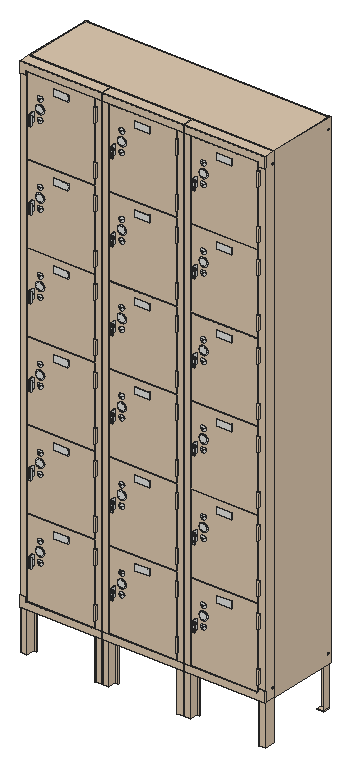
Revit family "Metal_Vented_Lockers-Salsbury_Industries-75000_76000_Series-3_Wide_Units", category Specialty Equipment, Revit 2024
Family settings
  Round Connector Dimension = Use Diameter
  Part Type = Normal
  OmniClass Number = 23.40.00.00
  OmniClass Title = Equipment and Furnishings
  Work Plane-Based = No
  Enable Cutting in Views = No
  Always vertical = Yes
  Cut with Voids When Loaded = No
  Maintain Annotation Orientation = No
  Shared = No
  Room Calculation Point = No
Parameters (values of type "76362 - with Standard 6" High Legs")
  Zee Base Corner - Right Side [instance] = Metal Locker Zee Base Corner : None
  Zee Base Corner - Left Side [instance] = Metal Locker Zee Base Corner : None
  Zee Base - Right Side [instance] = Metal Locker Zee Base-Right Side : None
  Zee Base - Left Side [instance] = Metal Locker Zee Base-Left Side : None
  Zee Base = Metal Locker Zee Base - 3 Wide : None
  Width = 36.040"
  Version = "2.0 (01/30/18)"
  Vent Offset = if(Depth = 12.010", 3.250", if(Depth = 15.010", 3.500", if(Depth = 18.010", 3.750", 0.000")))  # 3.250"
  Vent Configuration Height = Vents : 6 foot high vents
  Vent Array Spacing = 1.187"
  Vent Array 2 = if(Depth = 12.010", 5, if(Depth = 15.010", 7, if(Depth = 18.010", 9, 0)))  # 5
  Vent Array 1 = Vent Array 2 + 1  # 6
  Unit Height including Sloping Hood Only [instance] = 78.625"
  Unit Height = 72.000"
  URL = "www.lockers.com"
  Type Comments = "12\" Wide Vented Metal Locker - Box Style Six Tier"
  Total Door(s) Height [instance] = 69.81949"
  Top Row of Doors = yes
  Top Compartment Divider = yes
  Test Data = "https://www.lockers.com/videolibrary/"
  Specification = "https://www.lockers.com/architect-resources//"
  Sloping Top In-Line Filler - Right Side [instance] = Metal Locker Sloping Top Filler : None
  Sloping Top In-Line Filler - Left Side [instance] = Metal Locker Sloping Top Filler : None
  Sloping Top Corner Filler - Right Side [instance] = Metal Locker Sloping Corner Filler : None
  Sloping Top Corner Filler - Left Side [instance] = Metal Locker Sloping Corner Filler : None
  Sloping Hood Height = if(Depth = 12.010", 6.625", if(Depth = 15.010", 8.682", if(Depth = 18.010", 10.739", 0.000")))  # 6.625"
  Sloping Hood [instance] = Metal Locker Sloping Hood : None
  Sales Information = "https://www.lockers.com/request_a_quote/"
  Revision = "R1_2018-10"
  Product Data = "https://www.lockers.com/downloads__catalog/"
  Manufacturer Website = "https://www.lockers.com/"
  Manufacturer Phone - Toll Free = "1-800-562-5377"
  Manufacturer Phone = "(323) 846-6700"
  Manufacturer Fax = "1-800-562-5399"
  Manufacturer Address = "1010 East 62nd Street, Los Angeles, CA 90001-1598"
  Keynote = "10 51 00"
  Installation-Fabrication = "https://www.lockers.com/downloads__installation_instructions/"
  Green Building-LEED = "https://www.arcat.com/green/green_building.shtml"
  Drawn By = ""
  Default Elevation = 0.000"
  Copyright = ""
  Construction Details = "https://www.lockers.com/downloads__catalog/"
  Compartment Divider Height = Individual Door Height - 0.375"  # 11.157"
  Right Side Base [instance] = Metal Locker Right Side Base : None
  Primary Structure Material [instance] = Paint - Salsbury Finish - Tan
  Overall Width including Rivets [instance] = 36.120"
  Unit Height including Base Only [instance] = 78.000"
  Overall Unit Height (including Base and Sloping Hood) [instance] = 84.625"
  OmniClass 23 Title = "Equipment and Furnishings"
  OmniClass 23 Number = "23.40.00.00"
  Model = "76362"
  MasterFormat Title = "Lockers"
  MasterFormat Number = "10 51 13"
  Manufacturer = "Salsbury Industries"
  Left Side Base [instance] = Metal Locker Left Side Base : None
  Individual Door Height = 11.532"
  Hasp Plate Rivet Material = Steel -Salsbury Finish - Polished Steel
  Hasp Handle Material = Plastic - Salsbury Finish - Black
  Front Vertical Filler - Right [instance] = Metal Locker Front Filler : None
  Front Vertical Filler - Left [instance] = Metal Locker Front Filler : None
  Front Base [instance] = Metal Locker Front Base : None
  Flat Top In-Line Filler - Right Side [instance] = Metal Locker Flat Top Filler : None
  Flat Top In-Line Filler - Left Side [instance] = Metal Locker Flat Top Filler : None
  Flat Top Corner Filler - Right Side [instance] = Metal Locker Flat Corner Filler : None
  Flat Top Corner Filler - Left Side [instance] = Metal Locker Flat Corner Filler : None
  Individual Door Width [instance] = 33.90055"
  End Panel - Right Side [instance] = Metal Locker End Panel : None
  End Panel - Left Side [instance] = Metal Locker End Panel : None
  Door Location D1 = Vented Metal Locker Doors-12 inch with Latch Hasps : Six Tier Door - 6 foot
  Description = "3 Wide - 6 Feet High - 12 Inches Deep"
  Depth = 12.010"
  Category = ""
  Building Codes = "https://www.lockers.com/downloads__forms_and_information/"
  Base Height = 6.000"
  Standard Leg Base = Metal Locker Legs - 3 Wide : 6" High - 36" W x 12" D
  Assembly Code = "C1030310"
Reference planes (in)
  plane 1 "Center (Front/Back)": y = 0
  plane 2: z = 0
  plane 3 "Center (Left/Right)": x = 0
  plane 4 "Floor": z = 0
  plane 5 "Bottom of Unit": z = 6
  plane 6 "Top of Unit": z = 78
  plane 7 "Left Side of Unit": x = -18.02
  plane 8 "Right Side of Unit": x = 18.02
  plane 9 "Back of Unit": y = 6.005
  plane 10 "Front of Unit": y = -6.005
  plane 11 "Top of Sloping Hood": z = 84.625
  plane 12 "Left Rivet": x = -18.06
  plane 13 "Right Rivet": x = 18.06
  plane 14 "Right Side of Door Opening": x = 17.02
  plane 15 "Left Side of Door Opening": x = -17.02
  plane 16 "Top of Door Opening": z = 77
  plane 17 "Bottom of Door Opening": z = 7
  plane 18 "Back Edge of Front Facing": y = -4.417
  plane 19 "Front Plate Plane": y = -6.065
  plane 20 "Horizontal Center of Top Rivets": z = 76.5
  plane 21 "Horiz Center of Bottom Rivets": z = 7.5
  plane 22 "Vertical Center of Back Rivets": y = 5.505
  plane 23 "Vertical Center of Front Rivets": y = -4.755
  plane 24 "Right Align Top Filler Overlap": x = 17.435
  plane 25 "Left Align Top Filler Overlap": x = -17.435
  plane 26 "Corner Filler Align-Left": x = -18.08
  plane 27 "Corner Filler Align-Right": x = 18.08
  plane 28 "Right Side of Door": x = 16.95026
  plane 29 "Top of Door 1": z = 76.90976
  plane 30 "Bottom of Bottom Door": z = 7.09027
  plane 31 "Zee Base Offset": x = -17.669
  plane 32: x = 17.669
  plane 33 "Compartment Align 3": z = 19.157
  plane 34: x = -17.96
  plane 35: x = 17.96
  plane 36: x = -17.635
  plane 37: x = 17.635
  plane 38: y = 5.945
  plane 39: y = 5.895
  plane 40: y = 5.145
  plane 41: x = -17.9
  plane 42: x = 17.9
  plane 43: x = -17.095
  plane 44: x = 17.095
  plane 45: z = 77.94
  plane 46: z = 19.097
  plane 47: z = 18.157
  plane 48: z = 6.9204
  plane 49: z = 6.18539
  plane 50: z = 76.40796
  plane 51: z = 7.59204
  plane 52 "Right Side of Center Unit": x = 6.00667
  plane 53 "Left Side of Center Unit": x = -6.00667
  plane 54: x = 6.98167
  plane 55 "Left Side of Door Opening-Right Door": x = 7.00667
  plane 56: x = 5.03167
  plane 57 "Right Side of Door Opening-Center Door": x = 5.00667
  plane 58 "Right Side of Door - Center Door": x = 4.93667
  plane 59: x = -5.03167
  plane 60 "Left Side of Door Opening - Center Door": x = -5.00667
  plane 61: x = -6.98167
  plane 62 "Right Side of Door Opening - Left Door": x = -7.00667
  plane 63 "Right Side of Door - Left Door": x = -7.07667
  plane 64: z = 18.157
  plane 65 "Top of Door Row 3": z = 18.62227
  plane 66 "Bottom of Door Row 2": z = 18.74776
  plane 67 "Top of Door Row 2": z = 30.27976
  plane 68: z = 30.40676
  plane 69 "Compartment Align 2": z = 30.77927
  plane 70: z = 30.71927
  plane 71: z = 29.77927
  plane 72: z = 53.22076
  plane 73: z = 41.93876
  plane 74: z = 42.06376
  plane 75: z = 41.43676
  plane 76: z = 42.37676
  plane 77 "Compartment Align 1": z = 42.43676
  plane 78: z = 70.70625
  plane 79: z = 53.59576
  plane 80: z = 53.72076
  plane 81: z = 65.25276
  plane 82: z = 65.37776
  plane 83: z = 53.09576
  plane 84: z = 54.03576
  plane 85: z = 54.09576
  plane 86: z = 64.75276
  plane 87: z = 65.69276
  plane 88: z = 65.75276
  plane 89: z = 82.36525
  plane 90: z = 94.02225
  plane 91 "Front Vent Align": y = -2.755
  plane 92: y = -2.385
  plane 93: y = -1.791
  plane 94 "Top Vent Align": z = 73.562
  plane 95: z = 72.81
  plane 96: z = 71.97
Forms (in)
  Sweep 1, solid, material "Paint - Salsbury Finish - Tan" <- "Primary Structure Material"
    path origin (0, -6.005, 0) x (1, 0, 0) y (0, 0, 1)
      loop
        line (6.00667, 78) -> (6.00667, 6) -> (18.02, 6) -> (18.02, 78) -> (6.00667, 78)
    profile origin (12.01333, -6.005, 78) x (0, 0, 1) y (0, -1, 0)
      loop
        line (0, 0) -> (-1, 0) -> (-1, -1.588) -> (0, -1.588) -> (0, 0)
  Extrusion 2, solid, material "Paint - Salsbury Finish - Tan" <- "Primary Structure Material"
    sketch origin (0, 0, 6) x (0, -1, 0) y (1, 0, 0)
      loop
        line (4.417, 18.02) -> (-6.005, 18.02) -> (-6.005, 17.635) -> (-5.945, 17.635) -> (-5.945, 17.96) -> (4.417, 17.96) -> (4.417, 18.02)
    from 0 to 72
  Extrusion 3, solid, material "Paint - Salsbury Finish - Tan" <- "Primary Structure Material"
    sketch origin (0, 0, 6) x (0, -1, 0) y (1, 0, 0)
      loop
        line (4.417, -18.02) -> (4.417, -17.96) -> (-5.945, -17.96) -> (-5.945, -17.635) -> (-6.005, -17.635) -> (-6.005, -18.02) -> (4.417, -18.02)
    from 0 to 72
  Extrusion 4, solid, material "Paint - Salsbury Finish - Tan" <- "Primary Structure Material"
    sketch origin (0, 0, 6) x (0, -1, 0) y (1, 0, 0)
      loop
        line (-5.945, -17.96) -> (-5.145, -17.96) -> (-5.145, -17.9) -> (-5.895, -17.9) -> (-5.895, 17.9) -> (-5.145, 17.9) -> (-5.145, 17.96) -> (-5.945, 17.96) -> (-5.945, -17.96)
    from 0 to 72
  Sweep 5, solid, material "Paint - Salsbury Finish - Tan" <- "Primary Structure Material"
    path origin (0, 0, 7) x (0, -1, 0) y (1, 0, 0)
      loop
        line (4.417, -17.96) -> (4.417, 17.96) -> (-5.145, 17.96) -> (-5.145, 17.9) -> (-5.895, 17.9) -> (-5.895, -17.9) -> (-5.145, -17.9) -> (-5.145, -17.96) -> (4.417, -17.96)
    profile origin (-17.96, 0.364, 7) x (-1, 0, 0) y (0, 0, 1)
      loop
        line (0, -0.81461) -> (0, -0.0796) -> (-0.06, -0.0796) -> (-0.06, -0.81461) -> (0, -0.81461)
  Extrusion 6, solid, material "Paint - Salsbury Finish - Tan" <- "Primary Structure Material"
    sketch origin (0, 0, 7) x (0, -1, 0) y (1, 0, 0)
      loop
        line (-5.895, -17.9) -> (-5.145, -17.9) -> (-5.145, -17.96) -> (4.417, -17.96) -> (4.417, 17.96) -> (-5.145, 17.96) -> (-5.145, 17.9) -> (-5.895, 17.9) -> (-5.895, -17.9)
    from -0.0796 to 0
  Extrusion 7, solid, material "Paint - Salsbury Finish - Tan" <- "Primary Structure Material"
    sketch origin (0, 0, 78) x (0, -1, 0) y (1, 0, 0)
      loop
        line (-5.895, -17.9) -> (-5.145, -17.9) -> (-5.145, -17.96) -> (4.417, -17.96) -> (4.417, 17.96) -> (-5.145, 17.96) -> (-5.145, 17.9) -> (-5.895, 17.9) -> (-5.895, -17.9)
    from -0.06 to 0
  Extrusion 8, solid, material "Paint - Salsbury Finish - Tan" <- "Primary Structure Material"
    sketch origin (0, -6.065, 0) x (0, 0, -1) y (1, 0, 0)
      loop
        line (-78, -18.02) -> (-76.47656, -18.02)
        arc (-76.47656, -18.02) -> (-76.42806, -17.99991) -> (-76.40796, -17.9514) r 0.0686
        line (-76.40796, -17.9514) -> (-76.40796, -17.16351)
        arc (-76.40796, -17.16351) -> (-76.42809, -17.11506) -> (-76.47656, -17.095) r 0.0686
        line (-76.47656, -17.095) -> (-77, -17.095) -> (-77, 17.095) -> (-76.47656, 17.095)
        arc (-76.47656, 17.095) -> (-76.42809, 17.11506) -> (-76.40796, 17.16351) r 0.0686
        line (-76.40796, 17.16351) -> (-76.40796, 17.9514)
        arc (-76.40796, 17.9514) -> (-76.42806, 17.99991) -> (-76.47656, 18.02) r 0.0686
        line (-76.47656, 18.02) -> (-78, 18.02) -> (-78, -18.02)
    from -0.06 to 0
  Extrusion 9, solid, material "Paint - Salsbury Finish - Tan" <- "Primary Structure Material"
    sketch origin (0, -6.065, 84) x (0, 0, 1) y (-1, 0, 0)
      loop
        line (-78, 18.02) -> (-78, -18.02) -> (-76.47656, -18.02)
        arc (-76.47656, -18.02) -> (-76.42806, -17.99991) -> (-76.40796, -17.9514) r 0.0686
        line (-76.40796, -17.9514) -> (-76.40796, -17.16351)
        arc (-76.40796, -17.16351) -> (-76.42809, -17.11506) -> (-76.47656, -17.095) r 0.0686
        line (-76.47656, -17.095) -> (-77, -17.095) -> (-77, 17.095) -> (-76.47656, 17.095)
        arc (-76.47656, 17.095) -> (-76.42809, 17.11506) -> (-76.40796, 17.16351) r 0.0686
        line (-76.40796, 17.16351) -> (-76.40796, 17.9514)
        arc (-76.40796, 17.9514) -> (-76.42806, 17.99991) -> (-76.47656, 18.02) r 0.0686
        line (-76.47656, 18.02) -> (-78, 18.02)
    from -0.06 to 0
  Blend 10, solid, material "Steel -Salsbury Finish - Polished Steel" <- "Hasp Plate Rivet Material"
    base sketch origin (18.02, 0, 0) x (0, 0, -1) y (0, -1, 0)
      loop
        circle (-76.5, 4.755) r 0.187
    top sketch origin (18.02, 0, 0) x (0, 0, -1) y (0, -1, 0)
      loop
        circle (-76.5, 4.755) r 0.05319
    from 0 to -0.04
  Blend 11, solid, material "Steel -Salsbury Finish - Polished Steel" <- "Hasp Plate Rivet Material"
    base sketch origin (18.02, 0, -69) x (0, 0, -1) y (0, -1, 0)
      loop
        circle (-76.5, 4.755) r 0.187
    top sketch origin (18.02, 0, -69) x (0, 0, -1) y (0, -1, 0)
      loop
        circle (-76.5, 4.755) r 0.05319
    from 0 to -0.04
  Blend 12, solid, material "Steel -Salsbury Finish - Polished Steel" <- "Hasp Plate Rivet Material"
    base sketch origin (18.02, 10.26, -69) x (0, 0, -1) y (0, -1, 0)
      loop
        circle (-76.5, 4.755) r 0.187
    top sketch origin (18.02, 10.26, -69) x (0, 0, -1) y (0, -1, 0)
      loop
        circle (-76.5, 4.755) r 0.05319
    from 0 to -0.04
  Blend 13, solid, material "Steel -Salsbury Finish - Polished Steel" <- "Hasp Plate Rivet Material"
    base sketch origin (18.02, 10.26, 0.0043) x (0, 0, -1) y (0, -1, 0)
      loop
        circle (-76.5, 4.755) r 0.187
    top sketch origin (18.02, 10.26, 0.0043) x (0, 0, -1) y (0, -1, 0)
      loop
        circle (-76.5, 4.755) r 0.05319
    from 0 to -0.04
  Blend 14, solid, material "Steel -Salsbury Finish - Polished Steel" <- "Hasp Plate Rivet Material"
    base sketch origin (-6.02, 0, -69) x (0, 0, -1) y (0, 1, 0)
      loop
        circle (-76.5, -4.755) r 0.187
    top sketch origin (-6.02, 0, -69) x (0, 0, -1) y (0, 1, 0)
      loop
        circle (-76.5, -4.755) r 0.05319
    from -12 to -12.04
  Blend 15, solid, material "Steel -Salsbury Finish - Polished Steel" <- "Hasp Plate Rivet Material"
    base sketch origin (-6.02, 10.26, -69) x (0, 0, -1) y (0, 1, 0)
      loop
        circle (-76.5, -4.755) r 0.187
    top sketch origin (-6.02, 10.26, -69) x (0, 0, -1) y (0, 1, 0)
      loop
        circle (-76.5, -4.755) r 0.05319
    from -12 to -12.04
  Blend 16, solid, material "Steel -Salsbury Finish - Polished Steel" <- "Hasp Plate Rivet Material"
    base sketch origin (-6.02, 0, 0) x (0, 0, -1) y (0, 1, 0)
      loop
        circle (-76.5, -4.755) r 0.187
    top sketch origin (-6.02, 0, 0) x (0, 0, -1) y (0, 1, 0)
      loop
        circle (-76.5, -4.755) r 0.05319
    from -12 to -12.04
  Blend 17, solid, material "Steel -Salsbury Finish - Polished Steel" <- "Hasp Plate Rivet Material"
    base sketch origin (-6.02, 10.26, 0.00039) x (0, 0, -1) y (0, 1, 0)
      loop
        circle (-76.5, -4.755) r 0.187
    top sketch origin (-6.02, 10.26, 0.00039) x (0, 0, -1) y (0, 1, 0)
      loop
        circle (-76.5, -4.755) r 0.05319
    from -12 to -12.04
  Extrusion 18, solid, material "Paint - Salsbury Finish - Tan" <- "Primary Structure Material"
    sketch origin (0, 0, 19.157) x (0, -1, 0) y (1, 0, 0)
      loop
        line (-5.945, -17.9) -> (-5.145, -17.9) -> (-5.145, -17.96) -> (4.417, -17.96) -> (4.417, 17.96) -> (-5.145, 17.96) -> (-5.145, 17.9) -> (-5.945, 17.9) -> (-5.945, -17.9)
    from -0.06 to 0
  Sweep 19, solid, material "Paint - Salsbury Finish - Tan" <- "Primary Structure Material"
    path origin (0, 0, 19.157) x (0, -1, 0) y (1, 0, 0)
      loop
        line (4.417, -17.96) -> (4.417, 17.96) -> (-5.145, 17.96) -> (-5.145, 17.9) -> (-5.945, 17.9) -> (-5.945, -17.9) -> (-5.145, -17.9) -> (-5.145, -17.96) -> (4.417, -17.96)
    profile origin (-17.96, 0.364, 19.157) x (-1, 0, 0) y (0, 0, 1)
      loop
        line (0, -1) -> (0, -0.06) -> (-0.06, -0.06) -> (-0.06, -1) -> (0, -1)
  Sweep 20, solid, material "Paint - Salsbury Finish - Tan" <- "Primary Structure Material"
    path origin (-12.01333, -6.005, 0) x (1, 0, 0) y (0, 0, 1)
      loop
        line (6.00667, 78) -> (6.00667, 6) -> (18.02, 6) -> (18.02, 78) -> (6.00667, 78)
    profile origin (0, -6.005, 78) x (0, 0, 1) y (0, -1, 0)
      loop
        line (0, 0) -> (-1, 0) -> (-1, -1.588) -> (0, -1.588) -> (0, 0)
  Sweep 21, solid, material "Paint - Salsbury Finish - Tan" <- "Primary Structure Material"
    path origin (-24.02667, -6.005, 0) x (1, 0, 0) y (0, 0, 1)
      loop
        line (6.00667, 78) -> (6.00667, 6) -> (18.02, 6) -> (18.02, 78) -> (6.00667, 78)
    profile origin (-12.01333, -6.005, 78) x (0, 0, 1) y (0, -1, 0)
      loop
        line (0, 0) -> (-1, 0) -> (-1, -1.588) -> (0, -1.588) -> (0, 0)
  Extrusion 22, solid, material "Paint - Salsbury Finish - Tan" <- "Primary Structure Material"
    sketch origin (0, 0, 30.77927) x (0, -1, 0) y (1, 0, 0)
      loop
        line (-5.945, -17.9) -> (-5.145, -17.9) -> (-5.145, -17.96) -> (4.417, -17.96) -> (4.417, 17.96) -> (-5.145, 17.96) -> (-5.145, 17.9) -> (-5.945, 17.9) -> (-5.945, -17.9)
    from -0.06 to 0
  Sweep 23, solid, material "Paint - Salsbury Finish - Tan" <- "Primary Structure Material"
    path origin (0, 0, 30.77927) x (0, -1, 0) y (1, 0, 0)
      loop
        line (4.417, -17.96) -> (4.417, 17.96) -> (-5.145, 17.96) -> (-5.145, 17.9) -> (-5.945, 17.9) -> (-5.945, -17.9) -> (-5.145, -17.9) -> (-5.145, -17.96) -> (4.417, -17.96)
    profile origin (-17.96, 0.364, 30.77927) x (-1, 0, 0) y (0, 0, 1)
      loop
        line (0, -1) -> (0, -0.06) -> (-0.06, -0.06) -> (-0.06, -1) -> (0, -1)
  Extrusion 24, solid, material "Paint - Salsbury Finish - Tan" <- "Primary Structure Material"
    sketch origin (0, 0, 42.43676) x (0, -1, 0) y (1, 0, 0)
      loop
        line (-5.945, -17.9) -> (-5.145, -17.9) -> (-5.145, -17.96) -> (4.417, -17.96) -> (4.417, 17.96) -> (-5.145, 17.96) -> (-5.145, 17.9) -> (-5.945, 17.9) -> (-5.945, -17.9)
    from -0.06 to 0
  Sweep 25, solid, material "Paint - Salsbury Finish - Tan" <- "Primary Structure Material"
    path origin (0, 0, 42.43676) x (0, -1, 0) y (1, 0, 0)
      loop
        line (4.417, -17.96) -> (4.417, 17.96) -> (-5.145, 17.96) -> (-5.145, 17.9) -> (-5.945, 17.9) -> (-5.945, -17.9) -> (-5.145, -17.9) -> (-5.145, -17.96) -> (4.417, -17.96)
    profile origin (-17.96, 0.364, 42.43676) x (-1, 0, 0) y (0, 0, 1)
      loop
        line (0, -1) -> (0, -0.06) -> (-0.06, -0.06) -> (-0.06, -1) -> (0, -1)
  Extrusion 26, solid, material "Paint - Salsbury Finish - Tan" <- "Primary Structure Material"
    sketch origin (0, 0, 54.09576) x (0, -1, 0) y (1, 0, 0)
      loop
        line (-5.945, -17.9) -> (-5.145, -17.9) -> (-5.145, -17.96) -> (4.417, -17.96) -> (4.417, 17.96) -> (-5.145, 17.96) -> (-5.145, 17.9) -> (-5.945, 17.9) -> (-5.945, -17.9)
    from -0.06 to 0
  Sweep 27, solid, material "Paint - Salsbury Finish - Tan" <- "Primary Structure Material"
    path origin (0, 0, 54.09576) x (0, -1, 0) y (1, 0, 0)
      loop
        line (4.417, -17.96) -> (4.417, 17.96) -> (-5.145, 17.96) -> (-5.145, 17.9) -> (-5.945, 17.9) -> (-5.945, -17.9) -> (-5.145, -17.9) -> (-5.145, -17.96) -> (4.417, -17.96)
    profile origin (-17.96, 0.364, 54.09576) x (-1, 0, 0) y (0, 0, 1)
      loop
        line (0, -1) -> (0, -0.06) -> (-0.06, -0.06) -> (-0.06, -1) -> (0, -1)
  Extrusion 28, solid, material "Paint - Salsbury Finish - Tan" <- "Primary Structure Material", visible <- "Top Compartment Divider"
    sketch origin (0, 0, 65.75276) x (0, -1, 0) y (1, 0, 0)
      loop
        line (-5.945, -17.9) -> (-5.145, -17.9) -> (-5.145, -17.96) -> (4.417, -17.96) -> (4.417, 17.96) -> (-5.145, 17.96) -> (-5.145, 17.9) -> (-5.945, 17.9) -> (-5.945, -17.9)
    from -0.06 to 0
  Sweep 29, solid, material "Paint - Salsbury Finish - Tan" <- "Primary Structure Material", visible <- "Top Compartment Divider"
    path origin (0, 0, 65.75276) x (0, -1, 0) y (1, 0, 0)
      loop
        line (4.417, -17.96) -> (4.417, 17.96) -> (-5.145, 17.96) -> (-5.145, 17.9) -> (-5.945, 17.9) -> (-5.945, -17.9) -> (-5.145, -17.9) -> (-5.145, -17.96) -> (4.417, -17.96)
    profile origin (-17.96, 0.364, 65.75276) x (-1, 0, 0) y (0, 0, 1)
      loop
        line (0, -1) -> (0, -0.06) -> (-0.06, -0.06) -> (-0.06, -1) -> (0, -1)
Lines and regions (in)
  reference lines
    curve 1: line (-41.59242, -6.065, 78) -> (48.15758, -6.065, 78)
  symbolic lines
    curve 2: line (-18.02, 6.005, 78) -> (18.02, 6.005, 78)
    curve 3: line (-18.02, -6.065, 78) -> (-18.02, 6.005, 78)
    curve 4: line (18.02, -6.065, 78) -> (-18.02, -6.065, 78)
    curve 5: line (18.02, 6.005, 78) -> (18.02, -6.065, 78)
    curve 6: line (-18.06, -4.80819, 78) -> (-18.02, -4.91809, 78)
    curve 7: line (-18.02, -4.58043, 78) -> (-18.06, -4.70181, 78)
    curve 8: line (-18.06, -4.80819, 78) -> (-18.06, -4.70181, 78)
    curve 9: line (-18.06, 5.45181, 78) -> (-18.02, 5.31077, 78)
    curve 10: line (-18.06, 5.55819, 78) -> (-18.02, 5.68474, 78)
    curve 11: line (-18.06, 5.55819, 78) -> (-18.06, 5.45181, 78)
    curve 12: line (18.06, 5.55819, 78) -> (18.02, 5.70747, 78)
    curve 13: line (18.06, 5.45181, 78) -> (18.02, 5.3179, 78)
    curve 14: line (18.06, 5.55819, 78) -> (18.06, 5.45181, 78)
    curve 15: line (18.06, -4.70181, 78) -> (18.02, -4.57098, 78)
    curve 16: line (18.06, -4.80819, 78) -> (18.02, -4.94769, 78)
    curve 17: line (18.06, -4.70181, 78) -> (18.06, -4.80819, 78)
  model lines
    curve 18: line (6.00667, 6.005, 6) -> (6.00667, 6.005, 78)
    curve 19: line (-6.00667, 6.005, 6) -> (-6.00667, 6.005, 78)
    curve 20: line (-6.00667, 5.945, 78) -> (-6.00667, -6.065, 78)
    curve 21: line (6.00667, 5.945, 78) -> (6.00667, -6.065, 78)
Dimensions and locks (in)
  equal spacing: plane 7 "Left Side of Unit", plane 53 "Left Side of Center Unit", plane 52 "Right Side of Center Unit", plane 8 "Right Side of Unit"
  "Width": plane 7 "Left Side of Unit" to plane 8 "Right Side of Unit"
  "Base Height": plane 5 "Bottom of Unit" to plane 4 "Floor"
  "Unit Height": plane 6 "Top of Unit" to plane 5 "Bottom of Unit"
  "Unit Height including Base Only": plane 6 "Top of Unit" to plane 4 "Floor"
  equal spacing: plane 10 "Front of Unit", plane 1 "Center (Front/Back)", plane 9 "Back of Unit"
  "Depth": plane 10 "Front of Unit" to plane 9 "Back of Unit"
  "Sloping Hood Height": plane 11 "Top of Sloping Hood" to plane 6 "Top of Unit"
  "Overall Unit Height (including Base and Sloping Hood)": plane 11 "Top of Sloping Hood" to plane 4 "Floor"
  locked: plane 12 "Left Rivet" to plane 7 "Left Side of Unit" at 0.04
  locked: plane 8 "Right Side of Unit" to plane 13 "Right Rivet" at 0.04
  "Overall Width including Rivets": plane 12 "Left Rivet" to plane 13 "Right Rivet"
  plane 6 "Top of Unit" to plane 16 "Top of Door Opening" to plane 29 "Top of Door 1" to plane 50 = 1.000" locked, 0.09024", 0.5018"
  plane 51 to plane 30 "Bottom of Bottom Door" to plane 17 "Bottom of Door Opening" to plane 5 "Bottom of Unit" = 0.50177", 0.09027", 1.000" locked
  locked: plane 7 "Left Side of Unit" to plane 15 "Left Side of Door Opening" at 1
  plane 28 "Right Side of Door" to plane 14 "Right Side of Door Opening" to plane 8 "Right Side of Unit" = 0.06974", 1.000" locked
  plane 19 "Front Plate Plane" to plane 10 "Front of Unit" to plane 18 "Back Edge of Front Facing" = 0.060" locked, 1.588" locked
  "Unit Height including Sloping Hood Only": plane 11 "Top of Sloping Hood" to plane 5 "Bottom of Unit"
  locked: plane 20 "Horizontal Center of Top Rivets" to plane 6 "Top of Unit" at 1.5
  locked: plane 5 "Bottom of Unit" to plane 21 "Horiz Center of Bottom Rivets" at 1.5
  locked: plane 22 "Vertical Center of Back Rivets" to plane 9 "Back of Unit" at 0.5
  locked: plane 10 "Front of Unit" to plane 23 "Vertical Center of Front Rivets" at 1.25
  locked: plane 24 "Right Align Top Filler Overlap" to plane 13 "Right Rivet" at 0.625
  locked: plane 12 "Left Rivet" to plane 25 "Left Align Top Filler Overlap" at 0.625
  locked: plane 8 "Right Side of Unit" to plane 27 "Corner Filler Align-Right" at 0.06
  locked: plane 26 "Corner Filler Align-Left" to plane 7 "Left Side of Unit" at 0.06
  "Total Door(s) Height": plane 29 "Top of Door 1" to plane 30 "Bottom of Bottom Door"
  plane 7 "Left Side of Unit" to plane 31 "Zee Base Offset" = 0.351"
  plane 32 to plane 8 "Right Side of Unit" = 0.351"
  plane 33 "Compartment Align 3" to plane 46 to plane 64 = 0.060" locked, 0.940" locked
  plane 7 "Left Side of Unit" to plane 34 to plane 41 to plane 36 = 0.060" locked, 0.060" locked, 0.265" locked
  plane 37 to plane 42 to plane 35 to plane 8 "Right Side of Unit" = 0.265" locked, 0.060", 0.060"
  plane 40 to plane 39 to plane 38 to plane 9 "Back of Unit" = 0.750" locked, 0.050", 0.060"
  locked: plane 7 "Left Side of Unit" to plane 43 at 0.925
  locked: plane 44 to plane 8 "Right Side of Unit" at 0.925
  locked: plane 6 "Top of Unit" to plane 45 at 0.06
  plane 46 to plane 47 = 0.940"
  locked: plane 17 "Bottom of Door Opening" to plane 48 at 0.0796
  plane 48 to plane 49 = 0.73501"
  plane 58 "Right Side of Door - Center Door" to plane 57 "Right Side of Door Opening-Center Door" to plane 56 to plane 52 "Right Side of Center Unit" to plane 54 to plane 55 "Left Side of Door Opening-Right Door" = 0.070", 0.025", 0.975", 0.975", 0.025"
  plane 63 "Right Side of Door - Left Door" to plane 62 "Right Side of Door Opening - Left Door" to plane 61 to plane 53 "Left Side of Center Unit" to plane 59 to plane 60 "Left Side of Door Opening - Center Door" = 0.070", 0.025", 0.975", 0.975", 0.025"
  "Individual Door Height": plane 65 "Top of Door Row 3" to plane 30 "Bottom of Bottom Door"
  "Compartment Divider Height": plane 64 to plane 17 "Bottom of Door Opening"
  locked: plane 66 "Bottom of Door Row 2" to plane 65 "Top of Door Row 3" at 0.12549
  "Individual Door Height": plane 67 "Top of Door Row 2" to plane 66 "Bottom of Door Row 2"
  locked: plane 68 to plane 67 "Top of Door Row 2" at 0.127
  plane 69 "Compartment Align 2" to plane 70 to plane 71 = 0.060" locked, 0.940" locked
  "Compartment Divider Height": plane 71 to plane 65 "Top of Door Row 3"
  "Individual Door Height": plane 73 to plane 68
  locked: plane 74 to plane 73 at 0.125
  "Compartment Divider Height": plane 75 to plane 67 "Top of Door Row 2"
  plane 77 "Compartment Align 1" to plane 76 to plane 75 = 0.060" locked, 0.940" locked
  locked: plane 80 to plane 79 at 0.125
  locked: plane 82 to plane 81 at 0.125
  "Individual Door Height": plane 79 to plane 74
  "Individual Door Height": plane 81 to plane 80
  "Compartment Divider Height": plane 83 to plane 73
  "Compartment Divider Height": plane 86 to plane 79
  plane 85 to plane 84 to plane 83 = 0.060" locked, 0.940" locked
  plane 88 to plane 87 to plane 86 = 0.060" locked, 0.940" locked
  "Vent Offset": plane 10 "Front of Unit" to plane 91 "Front Vent Align"
  plane 91 "Front Vent Align" to plane 92 to plane 93 = 0.370" locked, 0.594" locked
  plane 94 "Top Vent Align" to plane 6 "Top of Unit" = 4.438"
  plane 96 to plane 95 to plane 94 "Top Vent Align" = 0.840", 0.752"
  equal spacing: group 1, group 2, group 3, group 4, group 5, group 6  (x3)
  equal spacing: group 7, group 8, group 9, group 10, group 11  (x3)
  "Vent Array Spacing": nested 41 to nested 43
  "Vent Array Spacing": nested 42 to nested 48
  equal spacing: group 12, group 13, group 14, group 15, group 16, group 17  (x3)
  equal spacing: group 18, group 19, group 20, group 21, group 22  (x3)
  "Vent Array Spacing": nested 54 to nested 52
  "Vent Array Spacing": nested 59 to nested 53
  aligned and locked: level to plane 2
  aligned and locked: Extrusion 2 to plane 6 "Top of Unit"
  aligned and locked: Extrusion 3 to plane 6 "Top of Unit"
  aligned and locked: Extrusion 4 to plane 6 "Top of Unit"
  aligned and locked: Extrusion 8 to plane 10 "Front of Unit"
  aligned and locked: Extrusion 9 to plane 10 "Front of Unit"
  aligned and locked: Extrusion 6 to plane 17 "Bottom of Door Opening"
  aligned and locked: plane 4 "Floor" to nested 2
  aligned and locked: plane 5 "Bottom of Unit" to Extrusion 9
  aligned and locked: plane 8 "Right Side of Unit" to nested 6
  aligned and locked: plane 7 "Left Side of Unit" to nested 7
  aligned and locked: Blend 10 to plane 13 "Right Rivet"
  aligned and locked: plane 8 "Right Side of Unit" to Blend 10
  aligned and locked: Blend 15 to plane 7 "Left Side of Unit"
  aligned and locked: Blend 14 to plane 7 "Left Side of Unit"  (x2)
  aligned and locked: plane 12 "Left Rivet" to Blend 14
  aligned and locked: plane 12 "Left Rivet" to Blend 15
  aligned and locked: Blend 14 to plane 12 "Left Rivet"
  aligned and locked: Blend 17 to plane 7 "Left Side of Unit"
  aligned and locked: plane 12 "Left Rivet" to Blend 17
  aligned and locked: Blend 16 to plane 7 "Left Side of Unit"
  aligned and locked: plane 12 "Left Rivet" to Blend 16
  aligned and locked: plane 5 "Bottom of Unit" to nested 10
  aligned and locked: plane 13 "Right Rivet" to nested 10
  aligned and locked: plane 12 "Left Rivet" to nested 11
  aligned and locked: nested 11 to plane 10 "Front of Unit"
  aligned and locked: plane 13 "Right Rivet" to nested 12
  aligned and locked: plane 10 "Front of Unit" to nested 12
  aligned and locked: plane 6 "Top of Unit" to nested 12
  aligned and locked: plane 12 "Left Rivet" to nested 13
  aligned and locked: plane 10 "Front of Unit" to nested 13
  aligned and locked: plane 6 "Top of Unit" to nested 13
  aligned and locked: plane 6 "Top of Unit" to nested 14
  aligned and locked: nested 14 to plane 19 "Front Plate Plane"
  aligned and locked: nested 14 to plane 24 "Right Align Top Filler Overlap"
  aligned and locked: nested 15 to plane 25 "Left Align Top Filler Overlap"
  aligned and locked: nested 15 to plane 19 "Front Plate Plane"
  aligned and locked: nested 10 to nested 15
  aligned and locked: plane 19 "Front Plate Plane" to nested 16
  aligned and locked: plane 6 "Top of Unit" to nested 16
  aligned and locked: nested 17 to plane 6 "Top of Unit"
  aligned and locked: nested 17 to plane 19 "Front Plate Plane"
  aligned and locked: nested 18 to plane 24 "Right Align Top Filler Overlap"
  aligned and locked: nested 18 to plane 19 "Front Plate Plane"
  aligned and locked: plane 16 "Top of Door Opening" to nested 18
  aligned and locked: nested 19 to plane 16 "Top of Door Opening"
  aligned and locked: nested 19 to plane 25 "Left Align Top Filler Overlap"
  aligned and locked: nested 19 to plane 19 "Front Plate Plane"
  aligned and locked: nested 11 to plane 6 "Top of Unit"
  aligned and locked: plane 10 "Front of Unit" to nested 10
  aligned and locked: plane 10 "Front of Unit" to nested 22
  aligned and locked: plane 10 "Front of Unit" to nested 1
  aligned and locked: plane 10 "Front of Unit" to nested 2
  aligned and locked: plane 7 "Left Side of Unit" to nested 17
  aligned and locked: plane 31 "Zee Base Offset" to nested 9
  aligned and locked: plane 18 "Back Edge of Front Facing" to nested 9
  aligned and locked: nested 8 to plane 18 "Back Edge of Front Facing"
  aligned and locked: plane 32 to nested 8
  aligned and locked: nested 21 to curve 1
  aligned and locked: nested 20 to curve 1
  aligned and locked: Sweep 19 sketch curve to Extrusion 18
  aligned and locked: plane 7 "Left Side of Unit" to Extrusion 3
  aligned and locked: Extrusion 3 to plane 9 "Back of Unit"
  aligned and locked: Extrusion 2 to plane 8 "Right Side of Unit"
  aligned and locked: Extrusion 2 to plane 9 "Back of Unit"
  aligned and locked: plane 18 "Back Edge of Front Facing" to Extrusion 3
  aligned and locked: plane 18 "Back Edge of Front Facing" to Extrusion 2
  aligned and locked: plane 34 to Extrusion 3
  aligned and locked: plane 35 to Extrusion 2
  aligned and locked: plane 36 to Extrusion 3
  aligned and locked: plane 37 to Extrusion 2
  aligned and locked: Extrusion 3 to plane 38
  aligned and locked: plane 38 to Extrusion 2
  aligned and locked: Extrusion 4 to plane 38
  aligned and locked: Extrusion 4 to plane 39
  aligned and locked: plane 34 to Extrusion 4
  aligned and locked: plane 40 to Extrusion 4  (x2)
  aligned and locked: plane 41 to Extrusion 4
  aligned and locked: plane 42 to Extrusion 4
  aligned and locked: Extrusion 7 to plane 39
  aligned and locked: plane 41 to Extrusion 7
  aligned and locked: plane 34 to Extrusion 7  (x2)
  aligned and locked: Extrusion 7 to plane 40  (x2)
  aligned and locked: Extrusion 7 to plane 42
  aligned and locked: Extrusion 7 to plane 35  (x2)
  aligned and locked: plane 18 "Back Edge of Front Facing" to Extrusion 7
  aligned and locked: plane 18 "Back Edge of Front Facing" to Extrusion 6
  aligned and locked: Extrusion 6 to plane 39
  aligned and locked: Extrusion 6 to plane 42
  aligned and locked: Extrusion 6 to plane 40  (x2)
  aligned and locked: Extrusion 6 to plane 35
  aligned and locked: plane 41 to Extrusion 6
  aligned and locked: plane 34 to Extrusion 6
  aligned and locked: Sweep 5 to plane 39
  aligned and locked: Sweep 5 to plane 40  (x2)
  aligned and locked: Sweep 5 to plane 42
  aligned and locked: Sweep 5 to plane 35
  aligned and locked: plane 18 "Back Edge of Front Facing" to Sweep 5
  aligned and locked: plane 34 to Sweep 5
  aligned and locked: plane 41 to Sweep 5
  aligned and locked: Sweep 5 sketch curve to plane 41
  aligned and locked: Sweep 5 sketch curve to plane 39
  aligned and locked: plane 40 to Sweep 5 sketch curve  (x2)
  aligned and locked: Sweep 5 sketch curve to plane 34  (x2)
  aligned and locked: plane 42 to Sweep 5 sketch curve
  aligned and locked: plane 35 to Sweep 5 sketch curve
  aligned and locked: Sweep 5 sketch curve to plane 18 "Back Edge of Front Facing"
  aligned and locked: Extrusion 18 to plane 42
  aligned and locked: Extrusion 18 to plane 40  (x2)
  aligned and locked: Extrusion 18 to plane 35
  aligned and locked: plane 18 "Back Edge of Front Facing" to Extrusion 18
  aligned and locked: plane 34 to Extrusion 18
  aligned and locked: plane 41 to Extrusion 18
  aligned and locked: plane 42 to Sweep 19 sketch curve
  aligned and locked: plane 40 to Sweep 19 sketch curve  (x2)
  aligned and locked: plane 35 to Sweep 19 sketch curve
  aligned and locked: Sweep 19 sketch curve to plane 18 "Back Edge of Front Facing"
  aligned and locked: Sweep 19 sketch curve to plane 34  (x2)
  aligned and locked: Sweep 19 sketch curve to plane 41
  aligned and locked: plane 6 "Top of Unit" to Sweep 1 sketch curve  (x2)
  aligned and locked: plane 8 "Right Side of Unit" to Sweep 1 sketch curve
  aligned and locked: Sweep 1 sketch curve to plane 5 "Bottom of Unit"
  aligned and locked: plane 10 "Front of Unit" to Sweep 1
  aligned and locked: Extrusion 8 to plane 19 "Front Plate Plane"
  aligned and locked: plane 10 "Front of Unit" to Extrusion 8
  aligned and locked: Extrusion 8 to plane 8 "Right Side of Unit"
  aligned and locked: plane 7 "Left Side of Unit" to Extrusion 8
  aligned and locked: plane 7 "Left Side of Unit" to Extrusion 9
  aligned and locked: plane 19 "Front Plate Plane" to Extrusion 9
  aligned and locked: Extrusion 9 to plane 8 "Right Side of Unit"
  aligned and locked: plane 43 to Extrusion 9
  aligned and locked: plane 44 to Extrusion 9
  aligned and locked: plane 44 to Extrusion 8
  aligned and locked: Extrusion 8 to plane 43
  aligned and locked: plane 28 "Right Side of Door" to nested 22
  aligned and locked: plane 18 "Back Edge of Front Facing" to Sweep 1 sketch curve
  aligned and locked: Sweep 1 sketch curve to plane 16 "Top of Door Opening"
  aligned and locked: Sweep 1 sketch curve to plane 10 "Front of Unit"
  aligned and locked: plane 5 "Bottom of Unit" to Extrusion 4
  aligned and locked: Extrusion 4 to plane 35
  aligned and locked: plane 5 "Bottom of Unit" to Extrusion 3
  aligned and locked: plane 5 "Bottom of Unit" to Extrusion 2
  aligned and locked: Extrusion 7 to plane 6 "Top of Unit"
  aligned and locked: plane 45 to Extrusion 7
  aligned and locked: Extrusion 18 to plane 33 "Compartment Align 3"
  aligned and locked: Extrusion 18 to plane 46
  aligned and locked: plane 41 to Sweep 19 sketch curve
  aligned and locked: plane 47 to Sweep 19 sketch curve
  aligned and locked: Extrusion 6 to plane 48
  aligned and locked: Sweep 5 to plane 48
  aligned and locked: Sweep 5 sketch curve to plane 49
  aligned and locked: Sweep 5 sketch curve to plane 48
  aligned and locked: plane 41 to Sweep 5 sketch curve
  aligned and locked: plane 50 to Extrusion 8
  aligned and locked: Extrusion 8 to plane 50
  aligned and locked: Extrusion 8 to plane 6 "Top of Unit"
  aligned and locked: plane 16 "Top of Door Opening" to Extrusion 8
  aligned and locked: Extrusion 9 to plane 17 "Bottom of Door Opening"
  aligned and locked: plane 51 to Extrusion 9  (x2)
  aligned and locked: plane 4 "Floor" to nested 1
  aligned and locked: Blend 12 to plane 13 "Right Rivet"
  aligned and locked: plane 8 "Right Side of Unit" to Blend 12
  aligned and locked: plane 8 "Right Side of Unit" to Blend 13
  aligned and locked: Blend 13 to plane 13 "Right Rivet"
  aligned and locked: plane 8 "Right Side of Unit" to Blend 11
  aligned and locked: Blend 11 to plane 13 "Right Rivet"
  aligned and locked: nested 21 to curve 3
  aligned and locked: curve 4 to Extrusion 8
  aligned and locked: curve 5 to Extrusion 8
  aligned and locked: curve 8 to Blend 14
  aligned and locked: curve 11 to Blend 15
  aligned and locked: curve 14 to Blend 12
  aligned and locked: curve 17 to Blend 10
  aligned and locked: plane 8 "Right Side of Unit" to nested 20
  aligned and locked: plane 7 "Left Side of Unit" to nested 21
  aligned and locked: Sweep 1 sketch curve to plane 52 "Right Side of Center Unit"
  aligned and locked: plane 6 "Top of Unit" to Sweep 20 sketch curve
  aligned and locked: Sweep 20 sketch curve to plane 5 "Bottom of Unit"
  aligned and locked: Sweep 21 sketch curve to plane 5 "Bottom of Unit"
  aligned and locked: plane 53 "Left Side of Center Unit" to Sweep 21 sketch curve
  aligned and locked: Sweep 21 sketch curve to plane 7 "Left Side of Unit"
  aligned and locked: plane 6 "Top of Unit" to Sweep 21 sketch curve
  aligned and locked: Sweep 20 sketch curve to plane 53 "Left Side of Center Unit"
  aligned and locked: plane 52 "Right Side of Center Unit" to Sweep 20 sketch curve
  aligned and locked: plane 10 "Front of Unit" to nested 24
  aligned and locked: plane 18 "Back Edge of Front Facing" to Sweep 20 sketch curve
  aligned and locked: Sweep 20 sketch curve to plane 16 "Top of Door Opening"
  aligned and locked: profile plane to Sweep 20 sketch curve
  aligned and locked: Sweep 20 sketch curve to profile plane
  aligned and locked: profile plane to Sweep 21 sketch curve
  aligned and locked: plane 18 "Back Edge of Front Facing" to Sweep 21 sketch curve
  aligned and locked: Sweep 21 sketch curve to plane 16 "Top of Door Opening"
  aligned and locked: Sweep 21 sketch curve to profile plane
  aligned and locked: plane 58 "Right Side of Door - Center Door" to nested 23
  aligned and locked: plane 63 "Right Side of Door - Left Door" to nested 24
  aligned and locked: nested 23 to plane 30 "Bottom of Bottom Door"
  aligned and locked: nested 24 to plane 30 "Bottom of Bottom Door"
  aligned and locked: plane 4 "Floor" to nested 5
  aligned and locked: plane 8 "Right Side of Unit" to nested 5
  aligned and locked: plane 9 "Back of Unit" to nested 6
  aligned and locked: plane 9 "Back of Unit" to nested 7
  aligned and locked: plane 52 "Right Side of Center Unit" to curve 18
  aligned and locked: plane 53 "Left Side of Center Unit" to curve 19
  aligned and locked: plane 5 "Bottom of Unit" to curve 19
  aligned and locked: plane 5 "Bottom of Unit" to curve 18
  aligned and locked: plane 6 "Top of Unit" to curve 18
  aligned and locked: plane 6 "Top of Unit" to curve 19
  aligned and locked: curve 20 to Extrusion 4
  aligned and locked: curve 20 to Sweep 21
  aligned and locked: curve 21 to Sweep 20
  aligned and locked: Extrusion 4 to curve 21
  aligned and locked: Extrusion 8 to curve 20
  aligned and locked: plane 6 "Top of Unit" to nested 25
  aligned and locked: plane 19 "Front Plate Plane" to nested 25
  aligned and locked: plane 10 "Front of Unit" to nested 23
  aligned and locked: nested 22 to plane 30 "Bottom of Bottom Door"
  aligned and locked: Sweep 19 to plane 64
  aligned and locked: nested 26 to plane 66 "Bottom of Door Row 2"
  aligned and locked: nested 27 to plane 66 "Bottom of Door Row 2"
  aligned and locked: nested 28 to plane 66 "Bottom of Door Row 2"
  aligned and locked: plane 28 "Right Side of Door" to nested 26
  aligned and locked: plane 58 "Right Side of Door - Center Door" to nested 27
  aligned and locked: plane 63 "Right Side of Door - Left Door" to nested 28
  aligned and locked: plane 10 "Front of Unit" to nested 26
  aligned and locked: plane 10 "Front of Unit" to nested 27
  aligned and locked: plane 10 "Front of Unit" to nested 28
  aligned and locked: plane 68 to nested 29
  aligned and locked: nested 30 to plane 68
  aligned and locked: nested 31 to plane 68
  aligned and locked: Extrusion 22 to Sweep 23 sketch curve
  aligned and locked: plane 70 to Extrusion 22
  aligned and locked: Extrusion 22 to plane 69 "Compartment Align 2"
  aligned and locked: Sweep 23 sketch curve to plane 71
  aligned and locked: plane 28 "Right Side of Door" to nested 29
  aligned and locked: plane 58 "Right Side of Door - Center Door" to nested 30
  aligned and locked: plane 63 "Right Side of Door - Left Door" to nested 31
  aligned and locked: plane 10 "Front of Unit" to nested 29
  aligned and locked: plane 10 "Front of Unit" to nested 30
  aligned and locked: plane 10 "Front of Unit" to nested 31
  aligned and locked: Sweep 23 to Extrusion 22  (x2)
  aligned and locked: plane 18 "Back Edge of Front Facing" to Extrusion 22
  aligned and locked: Extrusion 22 to nested 5  (x2)
  aligned and locked: Extrusion 22 to Sweep 23  (x2)
  aligned and locked: Sweep 23 sketch curve to plane 18 "Back Edge of Front Facing"
  aligned and locked: plane 35 to Sweep 23 sketch curve
  aligned and locked: plane 42 to Sweep 23 sketch curve
  aligned and locked: Sweep 23 sketch curve to plane 34
  aligned and locked: Sweep 23 sketch curve to plane 41
  aligned and locked: Sweep 23 sketch curve to plane 38
  aligned and locked: plane 74 to nested 32
  aligned and locked: nested 33 to plane 74
  aligned and locked: nested 34 to plane 74
  aligned and locked: plane 28 "Right Side of Door" to nested 32
  aligned and locked: plane 58 "Right Side of Door - Center Door" to nested 33
  aligned and locked: plane 63 "Right Side of Door - Left Door" to nested 34
  aligned and locked: plane 10 "Front of Unit" to nested 32
  aligned and locked: plane 10 "Front of Unit" to nested 33
  aligned and locked: plane 10 "Front of Unit" to nested 34
  aligned and locked: Extrusion 24 to Sweep 25 sketch curve
  aligned and locked: Sweep 25 to Extrusion 24  (x2)
  aligned and locked: Extrusion 24 to Sweep 25  (x2)
  aligned and locked: Extrusion 24 to plane 77 "Compartment Align 1"
  aligned and locked: plane 76 to Extrusion 24
  aligned and locked: Extrusion 24 to plane 38
  aligned and locked: plane 18 "Back Edge of Front Facing" to Extrusion 24
  aligned and locked: plane 41 to Extrusion 24
  aligned and locked: Extrusion 24 to plane 42
  aligned and locked: Extrusion 24 to plane 35
  aligned and locked: Sweep 25 sketch curve to plane 34
  aligned and locked: Sweep 25 sketch curve to plane 41
  aligned and locked: Sweep 25 sketch curve to plane 18 "Back Edge of Front Facing"
  aligned and locked: plane 35 to Sweep 25 sketch curve
  aligned and locked: plane 42 to Sweep 25 sketch curve
  aligned and locked: Sweep 25 sketch curve to plane 38
  aligned and locked: Sweep 25 sketch curve to plane 75
  aligned and locked: plane 28 "Right Side of Door" to nested 38
  aligned and locked: plane 58 "Right Side of Door - Center Door" to nested 39
  aligned and locked: plane 63 "Right Side of Door - Left Door" to nested 40
  aligned and locked: nested 35 to plane 80
  aligned and locked: nested 36 to plane 80
  aligned and locked: nested 37 to plane 80
  aligned and locked: nested 38 to plane 82
  aligned and locked: nested 39 to plane 82
  aligned and locked: nested 40 to plane 82
  aligned and locked: plane 28 "Right Side of Door" to nested 35
  aligned and locked: plane 58 "Right Side of Door - Center Door" to nested 36
  aligned and locked: plane 63 "Right Side of Door - Left Door" to nested 37
  aligned and locked: plane 10 "Front of Unit" to nested 38
  aligned and locked: plane 10 "Front of Unit" to nested 35
  aligned and locked: plane 10 "Front of Unit" to nested 39
  aligned and locked: plane 10 "Front of Unit" to nested 36
  aligned and locked: plane 10 "Front of Unit" to nested 37
  aligned and locked: plane 10 "Front of Unit" to nested 40
  aligned and locked: Sweep 27 to Extrusion 26  (x2)
  aligned and locked: Extrusion 26 to Sweep 27  (x2)
  aligned and locked: Sweep 29 to Extrusion 28  (x2)
  aligned and locked: Extrusion 28 to Sweep 29  (x2)
  aligned and locked: Extrusion 26 to plane 85
  aligned and locked: plane 84 to Extrusion 26
  aligned and locked: Extrusion 28 to plane 88
  aligned and locked: plane 87 to Extrusion 28
  aligned and locked: Sweep 29 sketch curve to plane 86
  aligned and locked: plane 87 to Sweep 29 sketch curve
  aligned and locked: plane 84 to Sweep 27 sketch curve
  aligned and locked: Sweep 27 sketch curve to plane 83
  aligned and locked: Extrusion 28 to plane 38
  aligned and locked: plane 41 to Extrusion 28
  aligned and locked: plane 34 to Extrusion 28 sketch curve
  aligned and locked: plane 18 "Back Edge of Front Facing" to Extrusion 28 sketch curve
  aligned and locked: Extrusion 28 sketch curve to plane 35
  aligned and locked: Extrusion 28 sketch curve to plane 42
  aligned and locked: Sweep 29 sketch curve to plane 38
  aligned and locked: Sweep 29 sketch curve to plane 41
  aligned and locked: Sweep 29 sketch curve to plane 34
  aligned and locked: Sweep 29 sketch curve to plane 18 "Back Edge of Front Facing"
  aligned and locked: plane 35 to Sweep 29 sketch curve
  aligned and locked: plane 42 to Sweep 29 sketch curve
  aligned and locked: Extrusion 26 sketch curve to plane 38
  aligned and locked: plane 41 to Extrusion 26 sketch curve
  aligned and locked: plane 34 to Extrusion 26 sketch curve
  aligned and locked: plane 18 "Back Edge of Front Facing" to Extrusion 26 sketch curve
  aligned and locked: Extrusion 26 sketch curve to plane 35
  aligned and locked: Extrusion 26 sketch curve to plane 42
  aligned and locked: Sweep 27 sketch curve to plane 38
  aligned and locked: Sweep 27 sketch curve to plane 41
  aligned and locked: Sweep 27 sketch curve to plane 34
  aligned and locked: Sweep 27 sketch curve to plane 18 "Back Edge of Front Facing"
  aligned and locked: plane 42 to Sweep 27 sketch curve
  aligned and locked: Extrusion 28 sketch curve to plane 38
  aligned and locked: Extrusion 28 sketch curve to plane 40  (x2)
  aligned and locked: plane 40 to Sweep 29 sketch curve  (x2)
  aligned and locked: Extrusion 26 sketch curve to plane 40  (x2)
  aligned and locked: plane 40 to Sweep 27 sketch curve  (x2)
  aligned and locked: Extrusion 24 sketch curve to plane 38
  aligned and locked: Extrusion 24 sketch curve to plane 40  (x2)
  aligned and locked: plane 40 to Sweep 25 sketch curve  (x2)
  aligned and locked: Extrusion 22 sketch curve to plane 38
  aligned and locked: Extrusion 22 sketch curve to plane 40  (x2)
  aligned and locked: plane 40 to Sweep 23 sketch curve  (x2)
  aligned and locked: Extrusion 18 to plane 38
  aligned and locked: Extrusion 18 sketch curve to plane 40  (x2)
  aligned and locked: Sweep 19 sketch curve to plane 38
  aligned and locked: plane 9 "Back of Unit" to curve 2
  aligned and locked: nested 42 to plane 8 "Right Side of Unit"
  aligned and locked: nested 41 to plane 8 "Right Side of Unit"
  aligned and locked: nested 41 to plane 92
  aligned and locked: plane 96 to nested 41
  aligned and locked: nested 42 to plane 93
  aligned and locked: plane 95 to nested 42
  aligned and locked: nested 51 to plane 8 "Right Side of Unit"
  aligned and locked: nested 47 to plane 8 "Right Side of Unit"
  aligned and locked: plane 95 to nested 51
  aligned and locked: plane 96 to nested 47
  aligned and locked: nested 53 to plane 7 "Left Side of Unit"
  aligned and locked: nested 52 to plane 7 "Left Side of Unit"
  aligned and locked: plane 92 to nested 52
  aligned and locked: nested 52 to plane 96
  aligned and locked: plane 93 to nested 53
  aligned and locked: nested 53 to plane 95
  aligned and locked: nested 62 to plane 7 "Left Side of Unit"
  aligned and locked: nested 58 to plane 7 "Left Side of Unit"
  aligned and locked: nested 62 to plane 95
  aligned and locked: nested 58 to plane 96
Automatic sketch dimensions
  Extrusion 2 sketch curve to plane 8 "Right Side of Unit" = 0.000"
  plane 9 "Back of Unit" to Extrusion 2 sketch curve = 0.000"
  Extrusion 2 sketch curve to plane 37 = 0.000"
  plane 38 to Extrusion 2 sketch curve = 0.000"
  plane 18 "Back Edge of Front Facing" to Extrusion 2 sketch curve = 0.000"
  Extrusion 2 sketch curve to plane 35 = 0.000"
  Extrusion 3 sketch curve to plane 7 "Left Side of Unit" = 0.000"
  plane 9 "Back of Unit" to Extrusion 3 sketch curve = 0.000"
  Extrusion 3 sketch curve to plane 36 = 0.000"
  Extrusion 3 sketch curve to plane 38 = 0.000"
  plane 18 "Back Edge of Front Facing" to Extrusion 3 sketch curve = 0.000"
  Extrusion 3 sketch curve to plane 34 = 0.000"
  Extrusion 4 sketch curve to plane 34 = 0.000"
  Extrusion 4 sketch curve to plane 38 = 0.000"
  Extrusion 4 sketch curve to plane 39 = 0.000"
  plane 40 to Extrusion 4 sketch curve = 0.000"
  Extrusion 4 sketch curve to plane 40 = 0.000"
  Extrusion 4 sketch curve to plane 41 = 0.000"
  Extrusion 4 sketch curve to plane 42 = 0.000"
  Extrusion 4 sketch curve to plane 35 = 0.000"
  Extrusion 6 sketch curve to plane 39 = 0.000"
  Extrusion 6 sketch curve to plane 34 = 0.000"
  Extrusion 6 sketch curve to plane 40 = 0.000"
  plane 40 to Extrusion 6 sketch curve = 0.000"
  plane 18 "Back Edge of Front Facing" to Extrusion 6 sketch curve = 0.000"
  Extrusion 6 sketch curve to plane 41 = 0.000"
  Extrusion 6 sketch curve to plane 42 = 0.000"
  Extrusion 6 sketch curve to plane 35 = 0.000"
  Extrusion 7 sketch curve to plane 39 = 0.000"
  Extrusion 7 sketch curve to plane 34 = 0.000"
  Extrusion 7 sketch curve to plane 40 = 0.000"
  plane 40 to Extrusion 7 sketch curve = 0.000"
  plane 18 "Back Edge of Front Facing" to Extrusion 7 sketch curve = 0.000"
  Extrusion 7 sketch curve to plane 41 = 0.000"
  Extrusion 7 sketch curve to plane 42 = 0.000"
  Extrusion 7 sketch curve to plane 35 = 0.000"
  Extrusion 8 sketch curve to plane 6 "Top of Unit" = 0.000"
  Extrusion 8 sketch curve to plane 16 "Top of Door Opening" = 0.000"
  plane 43 to Extrusion 8 sketch curve = 0.000"
  plane 7 "Left Side of Unit" to Extrusion 8 sketch curve = 0.000"
  plane 44 to Extrusion 8 sketch curve = 0.000"
  plane 8 "Right Side of Unit" to Extrusion 8 sketch curve = 0.000"
  Extrusion 8 sketch curve to plane 50 = 0.000"  (x2)
  plane 20 "Horizontal Center of Top Rivets" to Extrusion 8 sketch curve = 0.02344"  (x4)
  Extrusion 8 sketch curve to Extrusion 8 sketch curve = 0.0686"
  Extrusion 8 sketch curve to plane 44 = 0.06851"
  Extrusion 9 sketch curve to plane 5 "Bottom of Unit" = 0.000"
  Extrusion 9 sketch curve to plane 17 "Bottom of Door Opening" = 0.000"
  plane 43 to Extrusion 9 sketch curve = 0.000"
  plane 7 "Left Side of Unit" to Extrusion 9 sketch curve = 0.000"
  plane 44 to Extrusion 9 sketch curve = 0.000"
  plane 8 "Right Side of Unit" to Extrusion 9 sketch curve = 0.000"
  Extrusion 9 sketch curve to plane 51 = 0.000"  (x2)
  plane 21 "Horiz Center of Bottom Rivets" to Extrusion 9 sketch curve = 0.02344"  (x4)
  Extrusion 9 sketch curve to Extrusion 9 sketch curve = 0.0686"
  plane 44 to Extrusion 9 sketch curve = 0.06851"
  plane 20 "Horizontal Center of Top Rivets" to Blend 10 sketch curve = 0.000"  (x2)
  Blend 10 sketch curve to plane 23 "Vertical Center of Front Rivets" = 0.000"  (x2)
  plane 21 "Horiz Center of Bottom Rivets" to Blend 11 sketch curve = 0.000"  (x2)
  Blend 11 sketch curve to plane 23 "Vertical Center of Front Rivets" = 0.000"  (x2)
  plane 21 "Horiz Center of Bottom Rivets" to Blend 12 sketch curve = 0.000"  (x2)
  Blend 12 sketch curve to plane 22 "Vertical Center of Back Rivets" = 0.000"  (x2)
  Blend 13 sketch curve to plane 22 "Vertical Center of Back Rivets" = 0.000"  (x2)
  Blend 13 sketch curve to plane 20 "Horizontal Center of Top Rivets" = 0.0043"  (x2)
  plane 21 "Horiz Center of Bottom Rivets" to Blend 14 sketch curve = 0.000"  (x2)
  Blend 14 sketch curve to plane 23 "Vertical Center of Front Rivets" = 0.000"  (x2)
  plane 21 "Horiz Center of Bottom Rivets" to Blend 15 sketch curve = 0.000"  (x2)
  Blend 15 sketch curve to plane 22 "Vertical Center of Back Rivets" = 0.000"  (x2)
  plane 20 "Horizontal Center of Top Rivets" to Blend 16 sketch curve = 0.000"  (x2)
  Blend 16 sketch curve to plane 23 "Vertical Center of Front Rivets" = 0.000"  (x2)
  Blend 17 sketch curve to plane 22 "Vertical Center of Back Rivets" = 0.000"  (x2)
  Blend 17 sketch curve to plane 20 "Horizontal Center of Top Rivets" = 0.00039"  (x2)
  plane 19 "Front Plate Plane" to curve 1 = 0.000"
  plane 26 "Corner Filler Align-Left" to curve 1 = 23.51242"
  curve 1 to plane 27 "Corner Filler Align-Right" = 30.07758"
  Extrusion 18 sketch curve to plane 39 = 0.050"
  Extrusion 18 sketch curve to plane 34 = 0.000"
  plane 18 "Back Edge of Front Facing" to Extrusion 18 sketch curve = 0.000"
  Extrusion 18 sketch curve to plane 41 = 0.000"
  Extrusion 18 sketch curve to plane 42 = 0.000"
  Extrusion 18 sketch curve to plane 35 = 0.000"
  curve 11 to plane 22 "Vertical Center of Back Rivets" = 0.05319"
  curve 14 to plane 22 "Vertical Center of Back Rivets" = 0.05319"
  plane 22 "Vertical Center of Back Rivets" to curve 13 = 0.05319"
  plane 22 "Vertical Center of Back Rivets" to curve 9 = 0.05319"
  curve 15 to plane 23 "Vertical Center of Front Rivets" = 0.05319"
  curve 8 to plane 23 "Vertical Center of Front Rivets" = 0.05319"
  plane 23 "Vertical Center of Front Rivets" to curve 6 = 0.05319"
  plane 23 "Vertical Center of Front Rivets" to curve 16 = 0.05319"
  curve 12 to curve 12 = 0.14928"
  curve 10 to curve 10 = 0.12655"
  curve 13 to curve 13 = 0.13391"
  curve 9 to curve 9 = 0.14104"
  curve 15 to curve 15 = 0.13083"
  curve 7 to curve 7 = 0.12138"
  curve 6 to curve 6 = 0.1099"
  curve 16 to curve 16 = 0.1395"
  Extrusion 22 sketch curve to plane 34 = 0.000"
  plane 18 "Back Edge of Front Facing" to Extrusion 22 sketch curve = 0.000"
  Extrusion 22 sketch curve to plane 41 = 0.000"
  Extrusion 22 sketch curve to plane 42 = 0.000"
  Extrusion 22 sketch curve to plane 35 = 0.000"
  Sweep 23 sketch curve to profile plane = 0.000"
  profile plane to Sweep 23 sketch curve = 0.060"
  Extrusion 24 sketch curve to plane 34 = 0.000"
  plane 18 "Back Edge of Front Facing" to Extrusion 24 sketch curve = 0.000"
  Extrusion 24 sketch curve to plane 41 = 0.000"
  Extrusion 24 sketch curve to plane 42 = 0.000"
  Extrusion 24 sketch curve to plane 35 = 0.000"
  Sweep 25 sketch curve to profile plane = 0.000"
  profile plane to Sweep 25 sketch curve = 0.060"
  Sweep 27 sketch curve to plane 35 = 0.000"
  Sweep 27 sketch curve to profile plane = 0.000"
  profile plane to Sweep 27 sketch curve = 0.060"
  Sweep 29 sketch curve to profile plane = 0.000"
  profile plane to Sweep 29 sketch curve = 0.060"
  Extrusion 28 sketch curve to plane 41 = 0.000"
  radius of Blend 10 sketch curve = 0.187"
  radius of Blend 10 sketch curve = 0.05319"
  radius of Blend 11 sketch curve = 0.187"
  radius of Blend 11 sketch curve = 0.05319"
  radius of Blend 12 sketch curve = 0.187"
  radius of Blend 12 sketch curve = 0.05319"
  radius of Blend 13 sketch curve = 0.187"
  radius of Blend 13 sketch curve = 0.05319"
  radius of Blend 14 sketch curve = 0.187"
  radius of Blend 14 sketch curve = 0.05319"
  radius of Blend 15 sketch curve = 0.187"
  radius of Blend 15 sketch curve = 0.05319"
  radius of Blend 16 sketch curve = 0.187"
  radius of Blend 16 sketch curve = 0.05319"
  radius of Blend 17 sketch curve = 0.187"
  radius of Blend 17 sketch curve = 0.05319"
Nested families (in)
  nested 1: "Metal Locker Legs - 3 Wide" at (0, 0, 0), type <- "Standard Leg Base", type "6" High - 36" W x 12" D"
  nested 2: "Metal Locker Front Base" at (0, 0, 0), type <- "Front Base", type "None"
  nested 3: "Metal Locker Right Side Base" at (0, 0.794, 0), type <- "Right Side Base", type "None"
  nested 4: "Metal Locker Left Side Base" at (-10.79, 0.794, 0), type <- "Left Side Base", type "None"
  nested 5: "Metal Locker Zee Base - 3 Wide" at (0, 0, 0), type <- "Zee Base", type "None"
  nested 6: "Metal Locker Zee Base-Right Side" at (12.03, 0.824, 0), type <- "Zee Base - Right Side", type "None"
  nested 7: "Metal Locker Zee Base-Left Side" at (-20.01, 0.824, 0), type <- "Zee Base - Left Side", type "None"
  nested 8: "Metal Locker Zee Base Corner" at (18.669, -5.417, 0), type <- "Zee Base Corner - Right Side", type "None"
  nested 9: "Metal Locker Zee Base Corner" at (-18.669, -5.417, 0) x (-1, 0, 0) z (0, 0, 1), type <- "Zee Base Corner - Left Side", type "None"
  nested 10: "Metal Locker End Panel" at (22.1925, 2.167, 6), type <- "End Panel - Right Side", type "None"
  nested 11: "Metal Locker End Panel" at (-22.1925, 2.167, 6) x (-1, 0, 0) z (0, 0, 1), type <- "End Panel - Left Side", type "None"
  nested 12: "Metal Locker Front Filler" at (30.155, -3.088, 0), type <- "Front Vertical Filler - Right", type "None"
  nested 13: "Metal Locker Front Filler" at (-20.965, -3.088, 0), type <- "Front Vertical Filler - Left", type "None"
  nested 14: "Metal Locker Flat Top Filler" at (30.155, 2.113, 77.045), type <- "Flat Top In-Line Filler - Right Side", type "None"
  nested 15: "Metal Locker Flat Top Filler" at (-20.965, 2.113, 77.045), type <- "Flat Top In-Line Filler - Left Side", type "None"
  nested 16: "Metal Locker Flat Corner Filler" at (16.3025, 1.7895, 78), type <- "Flat Top Corner Filler - Right Side", type "None"
  nested 17: "Metal Locker Flat Corner Filler" at (-28.3025, 1.7895, 78) x (-1, 0, 0) z (0, 0, 1), type <- "Flat Top Corner Filler - Left Side", type "None"
  nested 18: "Metal Locker Sloping Top Filler" at (30.155, 2.113, 78.028), type <- "Sloping Top In-Line Filler - Right Side", type "None"
  nested 19: "Metal Locker Sloping Top Filler" at (-20.965, 2.113, 78.028), type <- "Sloping Top In-Line Filler - Left Side", type "None"
  nested 20: "Metal Locker Sloping Corner Filler" at (25.9095, -4.9375, 77.71202) x (0, -1, 0) z (0, 0, 1), type <- "Sloping Top Corner Filler - Right Side", type "None"
